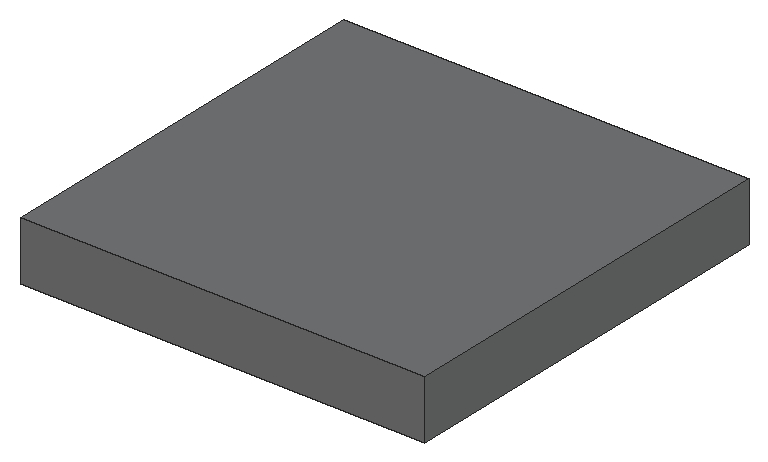
Revit family "Gira_028426", category Electrical Fixtures, host Face, Revit 2017
Family settings
  Host = Face
  Maintain Annotation Orientation = No
  Round Connector Dimension = Use Diameter
  Part Type = Normal
  Cut with Voids When Loaded = No
  Shared = No
  Room Calculation Point = No
Parameters (values of type "Abd. BSF UAE/IAE + Netzwerk System 55 F Alu")
  Zusammenstellung = "Zentralplatte"
  Werkstoffgüte = "sonstige"
  Werkstoff = "Kunststoff"
  Verwendung = "UAE/IAE"
  URL = "http://katalog.gira.de/de_DE/datenblatt.html?artikelnr=028426"
  Transparent = "No"
  Tragring = "No"
  Region = "DE"
  Oberfläche = "sonstige"
  Name = "Abd. BSF UAE/IAE + Netzwerk System 55 F Alu"
  Montageart = "unter Putz"
  Mit Zugentlastung = "No"
  Mit Staubschutz = "No"
  Mit Klappdeckel = "No"
  Mit Aufdruck = "No"
  Manufacturer URL = "https://www.gira.de/"
  Lüsterklemme = "No"
  Keynote = "Sys55_Abdeckung_Schalten und Tasten"
  HeinzeBIM = "https://bimportal.heinze.de/bim/abd-bsf-uae-iae-netzwerk-system-55-f-alu/1e8c419e81f651b274901064abbd11c7850d7ca9"
  Halogenfrei = "Yes"
  HAN = "028426"
  Geeignet für Schutzart (IP) = "IP20"
  GTIN = "4010337284260"
  Farbe = "aluminium"
  Default Elevation = 1219.2 mm
  Data sheet (1) = "https://katalog.gira.de/de_DE/download.html?artikelnr=028426"
  Category = "Einsatz/Abdeckung für Kommunikationstechnik"
  Beschriftungsfeld = "mit Beschriftungsfeld"
  Befestigungsart = "Befestigung mit Schraube"
  Available = "Yes"
  Ausführung der Oberfläche = "nicht zutreffend"
  Anthrazit [instance] = Anthrazit
Reference planes
  plane 1 "Center (Front/Back)": y = 0
  plane 2: z = 0
  plane 3 "Center (Left/Right)": x = 0
Forms (mm)
  Extrusion 1, solid, material "Anthrazit" <- "Anthrazit", detail levels fine
    sketch origin (0, 0, 0) x (1, 0, 0) y (0, 1, 0)
      loop
        line (-27.5, 27.5) -> (-27.5, -27.5) -> (27.5, -27.5) -> (27.5, 27.5) -> (-27.5, 27.5)
    from 0 to 8
  Extrusion 2, void
    sketch origin (0, 0, 0) x (1, 0, 0) y (0, 1, 0)
      loop
        line (26, 26) -> (-26, 26) -> (-26, -26) -> (26, -26) -> (26, 26)
    from 0 to 6
  Extrusion 3, solid, material "Anthrazit" <- "Anthrazit", detail levels medium
    sketch origin (0, 0, 0) x (1, 0, 0) y (0, 1, 0)
      loop
        line (-27.5, 27.5) -> (-27.5, -27.5) -> (27.5, -27.5) -> (27.5, 27.5) -> (-27.5, 27.5)
    from 0 to 8
  Extrusion 4, solid, material "Anthrazit" <- "Anthrazit", detail levels medium
    sketch origin (0, 0, 0) x (1, 0, 0) y (0, 1, 0)
      loop
        line (11, -17.5) -> (11, 17.5) -> (-11, 17.5) -> (-11, -17.5) -> (11, -17.5)
    from -6 to 6
  Extrusion 5, solid, material "Anthrazit" <- "Anthrazit", detail levels fine
    sketch origin (0, 0, 0) x (1, 0, 0) y (0, 1, 0)
      loop
        line (11, 17.5) -> (-11, 17.5) -> (-11, 16.5) -> (11, 16.5) -> (11, 17.5)
      loop
        line (-11, -16.5) -> (-11, -17.5) -> (11, -17.5) -> (11, -16.5) -> (-11, -16.5)
    from -4 to 6
  Extrusion 6, solid, material "Anthrazit" <- "Anthrazit", detail levels fine
    sketch origin (0, 0, 0) x (1, 0, 0) y (0, 1, 0)
      loop
        arc (5, 9.347) -> (0, 10.6) -> (-5, 9.347) r 10.6
        line (-5, 9.347) -> (-5, -9.347)
        arc (-5, -9.347) -> (0, -10.6) -> (5, -9.347) r 10.6
        line (5, -9.347) -> (5, 9.347)
    from -6 to 6
  Extrusion 7, solid, material "Anthrazit" <- "Anthrazit", detail levels coarse
    sketch origin (0, 0, 0) x (1, 0, 0) y (0, 1, 0)
      loop
        line (-27.5, 27.5) -> (-27.5, -27.5) -> (27.5, -27.5) -> (27.5, 27.5) -> (-27.5, 27.5)
    from -6 to 8
Cuts and joins
  Extrusion 2 cuts Extrusion 1
Dimensions and locks
  aligned and locked: plane 2 to host face
  aligned and locked: level to host face
